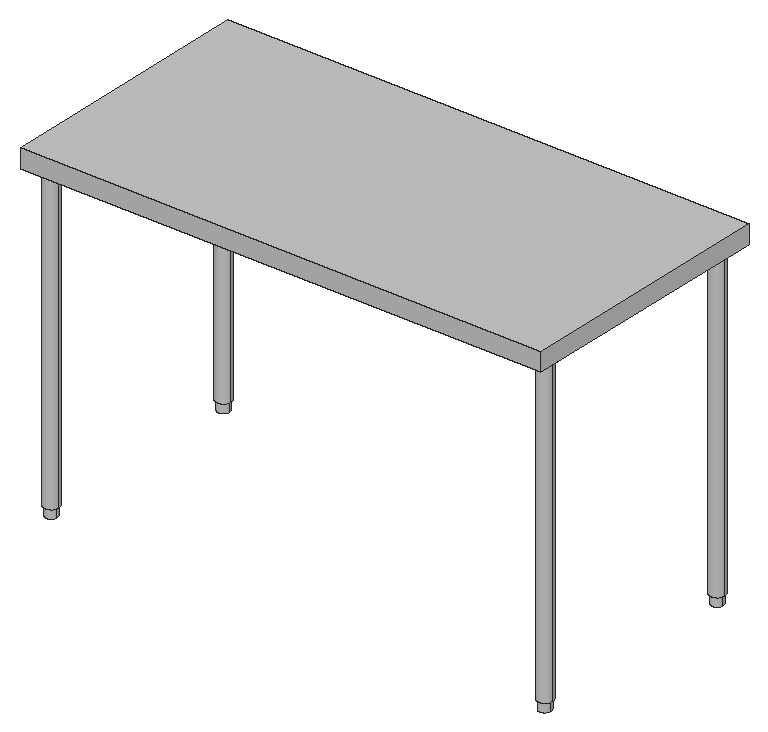
Revit family "QF_ELECTROLUXPROFESSIONAL_133050_TG1400EN", category Specialty Equipment, Revit 2021
Family settings
  Round Connector Dimension = Use Diameter
  Part Type = Normal
  Work Plane-Based = No
  Always vertical = Yes
  Cut with Voids When Loaded = No
  Shared = No
  Room Calculation Point = No
Parameters (values of type "Standard")
  Weight = 45.00 kg
  Watts = 0 W
  Volts = 0 V
  URL Manufacturer = "http://www.electroluxprofessional.com"
  URL = "http://www.electroluxprofessional.com"
  Steam Supply Size = 0 mm
  Steam Supply Minimum Pressure = 0.0 Pa
  Steam Supply Maximum Pressure = 0.0 Pa
  Steam Consumption per Hour = 0
  Refrigeration Suction Line Size = 0.0 mm
  Refrigeration Liquid Line Size = 0.0 mm
  Refrigerant Compressor Remote = yes
  Default Elevation = 0.0 mm
  Manufacturer = "Electrolux Professional"
  Phase = 0
  Model = "TG1400EN"
  Length Actual = 1400.0 mm
  Item Number = "133050"
  Hot Water Size = 0 mm
  Height Actual = 900.0 mm
  HP = "0 HP"
  Gas Size = 0 mm
  Gas KW = 0
  Gas Input Pressure = 0 W
  Direct Waste Size = 0 mm
  Description = "WORK TABLE 1400 MM"
  Depth Actual = 700.0 mm
  Cycle = 0 Hz
  Condensate Return Size = 0 mm
  Compressed Air Volume = 0.0 L/s
  Compressed Air Size = 0 mm
  Compressed Air Pressure = 0.0 Pa
  Cold Water Size = 0 mm
  Accessory = no
Reference planes
  plane 1 "Center (Front/Back)": y = 0
  plane 2: z = 0
  plane 3 "Center (Left/Right)": x = -200
  plane 4 "LEFT": x = -900
  plane 5 "RIGHT": x = 500
  plane 6 "BACK": y = 350
  plane 7 "FRONT": y = -350
  plane 8 "Base": z = 850
  plane 9 "TOP": z = 900
  plane 10: x = -864.5
  plane 11: x = 464.5
  plane 12: y = 290
  plane 13: y = -290
Forms (mm)
  Extrusion 1, solid, material "QF_Finishes_Stainless Steel"
    sketch origin (-200, 0, 0) x (0, 1, 0) y (0, 0, 1)
      loop
        line (-350, 850) -> (350, 850) -> (350, 900) -> (-350, 900) -> (-350, 850)
    from 700 to -700
Lines and regions (mm)
  symbolic lines
    curve 1: line (500, 350, 900) -> (-900, 350, 900)
    curve 2: line (-900, 350, 900) -> (-900, -350, 900)
    curve 3: line (-900, -350, 900) -> (500, -350, 900)
    curve 4: line (500, -350, 900) -> (500, 350, 900)
Dimensions and locks
  plane 4 "LEFT" to plane 5 "RIGHT" = 1400.0 mm
  equal spacing: plane 4 "LEFT", plane 3 "Center (Left/Right)", plane 5 "RIGHT"
  locked: plane 8 "Base" to level at 850
  plane 4 "LEFT" to plane 10 = 35.5 mm
  plane 11 to plane 5 "RIGHT" = 35.5 mm
  plane 10 to plane 11 = 1329.0 mm
  locked: plane 9 "TOP" to level at 900
  plane 6 "BACK" to plane 12 = 60.0 mm
  plane 13 to plane 7 "FRONT" = 60.0 mm
  plane 6 "BACK" to plane 7 "FRONT" = 700.0 mm
  plane 12 to plane 13 = 580.0 mm
  equal spacing: plane 6 "BACK", plane 1 "Center (Front/Back)", plane 7 "FRONT"
  aligned and locked: level to plane 2
  aligned and locked: plane 10 to nested 1
  aligned and locked: nested 1 to plane 13
  aligned and locked: plane 11 to nested 2
  aligned and locked: nested 2 to plane 13
  aligned and locked: plane 11 to nested 4
  aligned and locked: nested 4 to plane 12
  aligned and locked: plane 10 to nested 3
  aligned and locked: nested 3 to plane 12
  aligned and locked: Extrusion 1 to plane 4 "LEFT"
  aligned and locked: plane 5 "RIGHT" to Extrusion 1
  aligned and locked: curve 2 to plane 4 "LEFT"
Automatic sketch dimensions
  Extrusion 1 sketch curve to plane 7 "FRONT" = 0.0 mm
  Extrusion 1 sketch curve to plane 8 "Base" = 0.0 mm
  curve 3 to plane 7 "FRONT" = 0.0 mm
  curve 4 to plane 6 "BACK" = 0.0 mm
  Extrusion 1 sketch curve to plane 9 "TOP" = 0.0 mm
  Extrusion 1 sketch curve to plane 6 "BACK" = 0.0 mm
  curve 4 to plane 5 "RIGHT" = 0.0 mm
Nested families
  nested 1: "FEET_D40" at (-864.5, -290, 0), type "FEET_D40"
  nested 2: "FEET_D40" at (464.5, -290, 0), type "FEET_D40"
  nested 3: "FEET_D40" at (-864.5, 290, 0), type "FEET_D40"
  nested 4: "FEET_D40" at (464.5, 290, 0), type "FEET_D40"
Definition of nested family "FEET_D40"
  Parameters
    Default Elevation = 0.0 mm
    FEET = 850.0 mm
  Reference planes
    plane 1 "Center (Front/Back)": y = 0
    plane 2: z = 0
    plane 3 "Center (Left/Right)": x = 0
    plane 4: z = 850
  Forms (mm)
    Extrusion 1, solid
      sketch origin (0, 0, 0) x (1, 0, 0) y (0, 1, 0)
        loop
          circle (0, 0.002) r 20
      from 25 to 845
    Extrusion 2, solid
      sketch origin (0, 0, 0) x (1, 0, 0) y (0, 1, 0)
        loop
          circle (0, 0) r 16
      from 0 to 25
    Extrusion 3, solid
      sketch origin (0, 0, 0) x (1, 0, 0) y (0, 1, 0)
        loop
          circle (0, 0.002) r 30
      from 845 to 850
  Lines and regions (mm)
    symbolic lines
      curve 1: line (0, -1.503, 0) -> (0, 1.508, 0)
      curve 2: line (1.561, 0, 0) -> (-1.439, 0, 0)
  Dimensions and locks
    "FEET": plane 4 to plane 2
    aligned and locked: level to plane 2
  Automatic sketch dimensions
    plane 1 "Center (Front/Back)" to Extrusion 2 sketch curve = 0.0 mm
    Extrusion 2 sketch curve to plane 3 "Center (Left/Right)" = 0.0 mm
    plane 1 "Center (Front/Back)" to curve 2 = 0.0 mm
    curve 1 to plane 3 "Center (Left/Right)" = 0.0 mm
    curve 2 to plane 3 "Center (Left/Right)" = 1.439 mm
    plane 3 "Center (Left/Right)" to curve 2 = 1.561 mm
    plane 1 "Center (Front/Back)" to curve 1 = 1.503 mm
    curve 1 to plane 1 "Center (Front/Back)" = 1.508 mm
    Extrusion 1 sketch curve to plane 3 "Center (Left/Right)" = 0.0 mm
    Extrusion 1 sketch curve to plane 1 "Center (Front/Back)" = 0.002 mm
    Extrusion 3 sketch curve to plane 3 "Center (Left/Right)" = 0.0 mm
    Extrusion 3 sketch curve to plane 1 "Center (Front/Back)" = 0.002 mm
    radius of Extrusion 2 sketch curve = 16.0 mm
    radius of Extrusion 1 sketch curve = 20.0 mm
    radius of Extrusion 3 sketch curve = 30.0 mm
